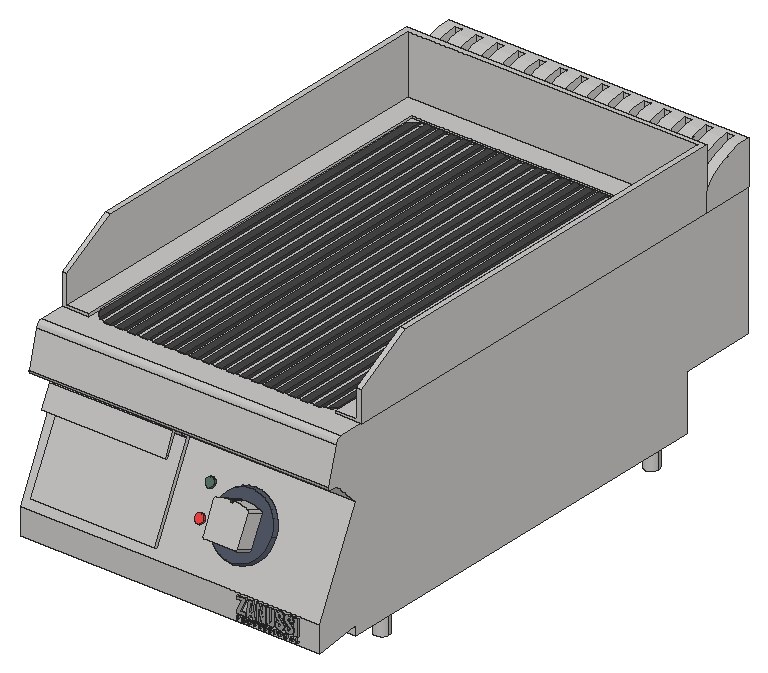
Revit family "QF_ZANUSSI_372332_Z7IILDAOMCA", category Specialty Equipment, Revit 2018
Family settings
  Round Connector Dimension = Use Diameter
  Part Type = Normal
  Work Plane-Based = No
  Always vertical = Yes
  Cut with Voids When Loaded = No
  Shared = No
  Room Calculation Point = No
Parameters (values of type "Standard")
  Weight = 40.00 kg
  Watts = 0 W
  Volts = 400 V
  URL Manufacturer = "http://www.zanussiprofessional.com"
  URL = "http://www.zanussiprofessional.com"
  Steam Supply Size = 0"
  Steam Supply Minimum Pressure = 0.00 psi
  Steam Supply Maximum Pressure = 0.00 psi
  Steam Pounds per Hour = 0
  Show Logo [instance] = yes
  Show Clearance [instance] = yes
  Refrigeration Suction Line Size = 0"
  Refrigeration Liquid Line Size = 0"
  Refrigerant Compressor Remote = yes
  Phase = 3
  Model = "Z7IILDAOMCA"
  Manufacturer = "Zanussi"
  Length Actual = 400.00 mm  # constant formula
  Item Number = "372332"
  Hot Water Size = 0"
  Height Actual = 250.00 mm  # constant formula
  HP = "5.6 HP"
  Gas Size = 0"
  Gas KW = 0
  Gas Input Pressure = 0.0 Btu/h
  Direct Waste Size = 0"
  Description = "ELECTRIC FRY TOP-RIBBED PLATE 400MM-BRUSHED CHROME"
  Depth Actual = 700.00 mm  # constant formula
  Cycle = 60 Hz
  Condensate Return Size = 0"
  Compressed Air Volume = 0 GPM
  Compressed Air Size = 0"
  Compressed Air Pressure = 0.00 psi
  Cold Water Size = 0"
  Assembly Code = ""
  Accessory = yes
Reference planes
  plane 1 "BACK": y = 0
  plane 2: z = 0
  plane 3 "LEFT": x = 0
  plane 4 "RIGHT": x = 400
  plane 5 "FRONT": y = -715
  plane 6 "TOP": z = 288.925
  plane 7 "Center Y": x = 200
  plane 8 "Center X": y = -357.5
  plane 9 "BASE": z = 650
  plane 10 "TOP A": z = 900
  plane 11: y = -597.884
  plane 12: y = -147.637
  plane 13: z = 981
  plane 14: through (-6096, -715, 65.146) normal (0, 0.8956, -0.4448)
  plane 15 "panel": through (-6096, -655.161, 185.641) normal (0, -0.8956, 0.4448)
  plane 16: z = 900
Forms (mm)
  Extrusion 1, solid, material "QF_Finishes_Stainless Steel"
    sketch origin (0, 0, 626) x (0, 1, 0) y (0, 0, 1)
      loop
        line (0, 98) -> (0, 274) -> (-679.358, 274)
        arc (-679.358, 274) -> (-684.643, 271.811) -> (-686.833, 266.526) r 7.474
        line (-686.833, 266.526) -> (-699.884, 221.011)
        arc (-699.884, 221.011) -> (-699.396, 218.379) -> (-697, 217.184) r 3
        line (-697, 217.184) -> (-686.802, 217.184) -> (-654.982, 185.364) -> (-715, 64.508) -> (-715, 29.508) -> (-658.645, 37.428)
        arc (-658.645, 37.428) -> (-656.101, 36.674) -> (-655, 34.259) r 3.2
        line (-655, 34.259) -> (-655, 24) -> (-103, 24) -> (-103, 98) -> (0, 98)
    from 0 to 400
  Extrusion 2, void
    sketch origin (0, -2.381, 900) x (-1, 0, 0) y (0, -1, 0)
      loop
        arc (-60.425, 102.504) -> (-42.464, 109.943) -> (-35.025, 127.904) r 25.4
        line (-35.025, 127.904) -> (-35.025, 617.104)
        arc (-35.025, 617.104) -> (-42.464, 635.064) -> (-60.425, 642.504) r 25.4
        line (-60.425, 642.504) -> (-339.575, 642.504)
        arc (-339.575, 642.504) -> (-357.536, 635.064) -> (-364.975, 617.104) r 25.4
        line (-364.975, 617.104) -> (-364.975, 127.904)
        arc (-364.975, 127.904) -> (-357.536, 109.943) -> (-339.575, 102.504) r 25.4
        line (-339.575, 102.504) -> (-60.425, 102.504)
    from 0 to -3.2
  Extrusion 3, solid, material "QF_Finishes_Stainless Steel"
    sketch origin (0, 0, 626) x (1, 0, 0) y (0, 1, 0)
      loop
        circle (11.112, -147.638) r 9.525
      loop
        circle (11.112, -597.884) r 9.525
      loop
        circle (388.887, -147.638) r 9.525
      loop
        circle (388.887, -597.884) r 9.525
    from 0 to 24
  Extrusion 4, solid, material "QF_Finishes_Stainless Steel"
    sketch origin (1.388, -101.6, 104.094) x (0, 0, -1) y (-1, 0, 0)
      loop
        circle (-582.306, -347.613) r 12.7
    from -1.4 to 7.6
  Extrusion 5, solid, material "QF_Finishes_Clearance", visible <- "Show Clearance", detail levels coarse
    sketch origin (0, 0, 626) x (1, 0, 0) y (0, 1, 0)
      loop
        line (0, -715) -> (0, 0) -> (400, 0) -> (400, -715) -> (550.019, -715) -> (550.019, 150.019) -> (-150.019, 150.019) -> (-150.019, -715) -> (0, -715)
    from 0 to 355
  Extrusion 6, solid, material "QF_Finishes_Stainless Steel"
    sketch origin (0, -14.311, 626) x (0, 1, 0) y (0, 0, 1)
      loop
        line (-640.85, 185.828) -> (-659.988, 204.966)
        arc (-659.988, 204.966) -> (-664.455, 206.368) -> (-668.159, 203.504) r 5.058
        line (-668.159, 203.504) -> (-680.821, 175.994) -> (-677.937, 174.666) -> (-665.275, 202.176)
        arc (-665.275, 202.176) -> (-663.896, 203.243) -> (-662.233, 202.721) r 1.883
        line (-662.233, 202.721) -> (-644.727, 185.215) -> (-698.248, 77.444) -> (-695.339, 76.105) -> (-640.85, 185.828)
    from 12.7 to 177.8
  Extrusion 7, solid, material "QF_Finishes_Drawer Clearance", visible <- "Show Clearance", detail levels coarse
    sketch origin (0, -115.911, 626) x (0, 1, 0) y (0, 0, 1)
      loop
        line (-662.903, 76.105) -> (-593.739, 76.105) -> (-539.25, 185.828) -> (-558.388, 204.966)
        arc (-558.388, 204.966) -> (-560.449, 206.215) -> (-562.855, 206.368) r 5.058
        line (-562.855, 206.368) -> (-632.019, 206.368)
        arc (-632.019, 206.368) -> (-634.222, 205.39) -> (-635.723, 203.504) r 5.058
        line (-635.723, 203.504) -> (-648.385, 175.994) -> (-645.501, 174.666) -> (-632.839, 202.176)
        arc (-632.839, 202.176) -> (-631.46, 203.243) -> (-629.796, 202.721) r 1.883
        line (-629.796, 202.721) -> (-612.291, 185.215) -> (-665.811, 77.444) -> (-662.903, 76.105)
    from 12.7 to 177.8
  Extrusion 8, solid, material "QF_Finishes_Stainless Steel"
    sketch origin (0, 0, 626) x (0, 1, 0) y (0, 0, 1)
      loop
        line (0, 274) -> (0, 333.13)
        arc (0, 333.13) -> (-38.824, 324.814) -> (-69.85, 300.038) r 86.548
        line (-69.85, 300.038) -> (-69.85, 274) -> (0, 274)
    from 0 to 400.05
  Extrusion 9, void
    sketch origin (0, 0, 900.638) x (-1, 0, 0) y (0, -1, 0)
      loop
        line (-13.453, 6.761) -> (-13.453, 63.911) -> (-22.749, 63.911) -> (-22.749, 6.761) -> (-13.453, 6.761)
    from 25.4 to 63.5
  Extrusion 10, void
    sketch origin (400.05, 0, 900.638) x (1, 0, 0) y (0, 1, 0)
      loop
        line (-13.503, -6.761) -> (-22.799, -6.761) -> (-22.799, -63.911) -> (-13.503, -63.911) -> (-13.503, -6.761)
    from 25.4 to 63.5
  Extrusion 11, void
    sketch origin (27.988, 0, 900.638) x (-1, 0, 0) y (0, -1, 0)
      loop
        line (-13.453, 6.761) -> (-13.453, 63.911) -> (-22.749, 63.911) -> (-22.749, 6.761) -> (-13.453, 6.761)
    from 25.4 to 63.5
  Extrusion 12, void
    sketch origin (55.977, 0, 900.638) x (-1, 0, 0) y (0, -1, 0)
      loop
        line (-13.453, 6.761) -> (-13.453, 63.911) -> (-22.749, 63.911) -> (-22.749, 6.761) -> (-13.453, 6.761)
    from 25.4 to 63.5
  Extrusion 13, void
    sketch origin (83.965, 0, 900.638) x (-1, 0, 0) y (0, -1, 0)
      loop
        line (-13.428, 6.761) -> (-13.428, 63.911) -> (-22.724, 63.911) -> (-22.724, 6.761) -> (-13.428, 6.761)
    from 25.4 to 63.5
  Extrusion 14, void
    sketch origin (111.953, 0, 900.638) x (-1, 0, 0) y (0, -1, 0)
      loop
        line (-13.428, 6.761) -> (-13.428, 63.911) -> (-22.724, 63.911) -> (-22.724, 6.761) -> (-13.428, 6.761)
    from 25.4 to 63.5
  Extrusion 15, void
    sketch origin (139.942, 0, 900.638) x (-1, 0, 0) y (0, -1, 0)
      loop
        line (-13.428, 6.761) -> (-13.428, 63.911) -> (-22.724, 63.911) -> (-22.724, 6.761) -> (-13.428, 6.761)
    from 25.4 to 63.5
  Extrusion 16, void
    sketch origin (167.93, 0, 900.638) x (-1, 0, 0) y (0, -1, 0)
      loop
        line (-13.428, 6.761) -> (-13.428, 63.911) -> (-22.724, 63.911) -> (-22.724, 6.761) -> (-13.428, 6.761)
    from 25.4 to 63.5
  Extrusion 17, void
    sketch origin (195.918, 0, 900.638) x (-1, 0, 0) y (0, -1, 0)
      loop
        line (-13.428, 6.761) -> (-13.428, 63.911) -> (-22.724, 63.911) -> (-22.724, 6.761) -> (-13.428, 6.761)
    from 25.4 to 63.5
  Extrusion 18, void
    sketch origin (223.907, 0, 900.638) x (-1, 0, 0) y (0, -1, 0)
      loop
        line (-13.428, 6.761) -> (-13.428, 63.911) -> (-22.724, 63.911) -> (-22.724, 6.761) -> (-13.428, 6.761)
    from 25.4 to 63.5
  Extrusion 19, void
    sketch origin (251.895, 0, 900.638) x (-1, 0, 0) y (0, -1, 0)
      loop
        line (-13.428, 6.761) -> (-13.428, 63.911) -> (-22.724, 63.911) -> (-22.724, 6.761) -> (-13.428, 6.761)
    from 25.4 to 63.5
  Extrusion 20, void
    sketch origin (279.884, 0, 900.638) x (-1, 0, 0) y (0, -1, 0)
      loop
        line (-13.403, 6.761) -> (-13.403, 63.911) -> (-22.699, 63.911) -> (-22.699, 6.761) -> (-13.403, 6.761)
    from 25.4 to 63.5
  Extrusion 21, void
    sketch origin (307.872, 0, 900.638) x (-1, 0, 0) y (0, -1, 0)
      loop
        line (-13.403, 6.761) -> (-13.403, 63.911) -> (-22.699, 63.911) -> (-22.699, 6.761) -> (-13.403, 6.761)
    from 25.4 to 63.5
  Extrusion 22, void
    sketch origin (335.86, 0, 900.638) x (-1, 0, 0) y (0, -1, 0)
      loop
        line (-13.403, 6.761) -> (-13.403, 63.911) -> (-22.699, 63.911) -> (-22.699, 6.761) -> (-13.403, 6.761)
    from 25.4 to 63.5
  Sweep 23, solid, material "QF_Finishes_Stainless Steel"
    path origin (0, -2.381, 900) x (-1, 0, 0) y (0, -1, 0)
      loop
        line (-364.975, 642.504) -> (-364.975, 102.504) -> (-35.025, 102.504) -> (-35.025, 642.504)
    profile origin (35.025, -374.885, 900) x (1, 0, 0) y (0, 0, 1)
      loop
        line (-35.025, 0) -> (0, 0) -> (0, 3.175) -> (-28.675, 3.175) -> (-28.675, 81) -> (-35.025, 81) -> (-35.025, 0)
  Extrusion 24, void
    sketch origin (0, -69.86, 900) x (0, 1, 0) y (0, 0, 1)
      loop
        line (-575.025, 40.481) -> (-501.995, 81) -> (-575.025, 81) -> (-575.025, 40.481)
    from 0 to 6.35
  Extrusion 25, void
    sketch origin (400, -644.885, 900) x (0, -1, 0) y (0, 0, 1)
      loop
        line (0, 40.481) -> (0, 81) -> (-73.03, 81) -> (0, 40.481)
    from 0 to 6.35
  Extrusion 26, solid, material "QF_Finishes_Black"
    sketch origin (12.5, -715, 626) x (1, 0, 0) y (0, 0, 1)
      loop
        line (51.525, 274) -> (42.525, 274) -> (42.525, 270.8) -> (51.525, 270.8) -> (51.525, 274)
    from -610.115 to -70.115
  Extrusion 27, solid, material "QF_Finishes_Black"
    sketch origin (29, -715, 626) x (1, 0, 0) y (0, 0, 1)
      loop
        line (51.525, 274) -> (42.525, 274) -> (42.525, 270.8) -> (51.525, 270.8) -> (51.525, 274)
    from -610.115 to -70.115
  Extrusion 28, solid, material "QF_Finishes_Black"
    sketch origin (45.5, -715, 626) x (1, 0, 0) y (0, 0, 1)
      loop
        line (51.525, 274) -> (42.525, 274) -> (42.525, 270.8) -> (51.525, 270.8) -> (51.525, 274)
    from -610.115 to -70.115
  Extrusion 29, solid, material "QF_Finishes_Black"
    sketch origin (62, -715, 626) x (1, 0, 0) y (0, 0, 1)
      loop
        line (51.5, 274) -> (42.5, 274) -> (42.5, 270.8) -> (51.5, 270.8) -> (51.5, 274)
    from -610.115 to -70.115
  Extrusion 30, solid, material "QF_Finishes_Black"
    sketch origin (78.5, -715, 626) x (1, 0, 0) y (0, 0, 1)
      loop
        line (51.5, 274) -> (42.5, 274) -> (42.5, 270.8) -> (51.5, 270.8) -> (51.5, 274)
    from -610.115 to -70.115
  Extrusion 31, solid, material "QF_Finishes_Black"
    sketch origin (95, -715, 626) x (1, 0, 0) y (0, 0, 1)
      loop
        line (51.5, 274) -> (42.5, 274) -> (42.5, 270.8) -> (51.5, 270.8) -> (51.5, 274)
    from -610.115 to -70.115
  Extrusion 32, solid, material "QF_Finishes_Black"
    sketch origin (111.5, -715, 626) x (1, 0, 0) y (0, 0, 1)
      loop
        line (51.5, 274) -> (42.5, 274) -> (42.5, 270.8) -> (51.5, 270.8) -> (51.5, 274)
    from -610.115 to -70.115
  Extrusion 33, solid, material "QF_Finishes_Black"
    sketch origin (128, -715, 626) x (1, 0, 0) y (0, 0, 1)
      loop
        line (51.5, 274) -> (42.5, 274) -> (42.5, 270.8) -> (51.5, 270.8) -> (51.5, 274)
    from -610.115 to -70.115
  Extrusion 34, solid, material "QF_Finishes_Black"
    sketch origin (144.5, -715, 626) x (1, 0, 0) y (0, 0, 1)
      loop
        line (51.5, 274) -> (42.5, 274) -> (42.5, 270.8) -> (51.5, 270.8) -> (51.5, 274)
    from -610.115 to -70.115
  Extrusion 35, solid, material "QF_Finishes_Black"
    sketch origin (161, -715, 626) x (1, 0, 0) y (0, 0, 1)
      loop
        line (51.5, 274) -> (42.5, 274) -> (42.5, 270.8) -> (51.5, 270.8) -> (51.5, 274)
    from -610.115 to -70.115
  Extrusion 36, solid, material "QF_Finishes_Black"
    sketch origin (177.5, -715, 626) x (1, 0, 0) y (0, 0, 1)
      loop
        line (51.5, 274) -> (42.5, 274) -> (42.5, 270.8) -> (51.5, 270.8) -> (51.5, 274)
    from -610.115 to -70.115
  Extrusion 37, solid, material "QF_Finishes_Black"
    sketch origin (194, -715, 626) x (1, 0, 0) y (0, 0, 1)
      loop
        line (51.5, 274) -> (42.5, 274) -> (42.5, 270.8) -> (51.5, 270.8) -> (51.5, 274)
    from -610.115 to -70.115
  Extrusion 38, solid, material "QF_Finishes_Black"
    sketch origin (210.5, -715, 626) x (1, 0, 0) y (0, 0, 1)
      loop
        line (51.5, 274) -> (42.5, 274) -> (42.5, 270.8) -> (51.5, 270.8) -> (51.5, 274)
    from -610.115 to -70.115
  Extrusion 39, solid, material "QF_Finishes_Black"
    sketch origin (227, -715, 626) x (1, 0, 0) y (0, 0, 1)
      loop
        line (51.5, 274) -> (42.5, 274) -> (42.5, 270.8) -> (51.5, 270.8) -> (51.5, 274)
    from -610.115 to -70.115
  Extrusion 40, solid, material "QF_Finishes_Black"
    sketch origin (243.5, -715, 626) x (1, 0, 0) y (0, 0, 1)
      loop
        line (51.5, 274) -> (42.5, 274) -> (42.5, 270.8) -> (51.5, 270.8) -> (51.5, 274)
    from -610.115 to -70.115
  Extrusion 41, solid, material "QF_Finishes_Black"
    sketch origin (260, -715, 626) x (1, 0, 0) y (0, 0, 1)
      loop
        line (51.475, 274) -> (42.475, 274) -> (42.475, 270.8) -> (51.475, 270.8) -> (51.475, 274)
    from -610.115 to -70.115
  Extrusion 42, solid, material "QF_Finishes_Black"
    sketch origin (276.5, -715, 626) x (1, 0, 0) y (0, 0, 1)
      loop
        line (51.475, 274) -> (42.475, 274) -> (42.475, 270.8) -> (51.475, 270.8) -> (51.475, 274)
    from -610.115 to -70.115
  Extrusion 43, solid, material "QF_Finishes_Black"
    sketch origin (293, -715, 626) x (1, 0, 0) y (0, 0, 1)
      loop
        line (51.475, 274) -> (42.475, 274) -> (42.475, 270.8) -> (51.475, 270.8) -> (51.475, 274)
    from -610.115 to -70.115
  Extrusion 44, solid, material "QF_Finishes_Black"
    sketch origin (-1000, 0, 626) x (1, 0, 0) y (0, 1, 0)
      loop
        line (1047.525, -641.365) -> (1047.525, -108.404)
        arc (1047.525, -108.404) -> (1042.451, -112.338) -> (1038.525, -117.418) r 25.4
        line (1038.525, -117.418) -> (1038.525, -632.351)
        arc (1038.525, -632.351) -> (1042.451, -637.432) -> (1047.525, -641.365) r 25.4
      loop
        arc (1351.975, -641.652) -> (1356.999, -637.966) -> (1360.975, -633.167) r 25.4
        line (1360.975, -633.167) -> (1360.975, -116.603)
        arc (1360.975, -116.603) -> (1356.999, -111.804) -> (1351.975, -108.117) r 25.4
        line (1351.975, -108.117) -> (1351.975, -641.652)
    from 271.438 to 274.638
  Blend 45, solid, material "QF_Finishes_Navy Blue"
    base sketch origin (275, -684.991, 751.574) x (1, 0, 0) y (0, 0.444781, 0.895639)
      loop
        circle (0, 0) r 42.5
    top sketch origin (275, -684.991, 751.574) x (1, 0, 0) y (0, 0.444781, 0.895639)
      loop
        circle (0, 0) r 40.5
    from 0 to 5
  Extrusion 46, solid, material "QF_Finishes_Stainless Steel"
    sketch origin (275, -684.991, 751.574) x (1, 0, 0) y (0, 0.444781, 0.895639)
      loop
        arc (-21.147, 22.789) -> (-22.494, 21.685) -> (-23, 20.019) r 2.997
        line (-23, 20.019) -> (-23, -20.019)
        arc (-23, -20.019) -> (-22.122, -22.138) -> (-20.003, -23.016) r 2.997
        line (-20.003, -23.016) -> (20.003, -23.016)
        arc (20.003, -23.016) -> (22.122, -22.138) -> (23, -20.019) r 2.997
        line (23, -20.019) -> (23, 20.019)
        arc (23, 20.019) -> (22.494, 21.685) -> (21.147, 22.789) r 2.997
        arc (21.147, 22.789) -> (0, 26.984) -> (-21.147, 22.789) r 55.4
    from 10 to 34
  Extrusion 47, solid, material "QF_Plastic-Black-Matte"
    sketch origin (355, -684.991, 751.574) x (0, 0.444781, 0.895639) y (0, -0.895639, 0.444781)
      loop
        line (26.984, 34) -> (26.984, 19) -> (27.984, 19) -> (27.984, 34)
        arc (27.984, 34) -> (27.691, 34.707) -> (26.984, 35) r 1
        line (26.984, 35) -> (23.984, 35) -> (23.984, 34) -> (26.984, 34)
    from -81 to -79
  Extrusion 48, solid, material "QF_Finishes_Red"
    sketch origin (275, -689.439, 742.617) x (1, 0, 0) y (0, 0.444781, 0.895639)
      loop
        circle (-55.001, 0) r 6
    from 0 to 1.6
  Extrusion 49, solid, material "QF_Finishes_Stainless Steel"
    sketch origin (275, -684.991, 751.574) x (1, 0, 0) y (0, 0.444781, 0.895639)
      loop
        line (17.5, 17.5) -> (-17.5, 17.5) -> (-17.5, -17.5) -> (17.5, -17.5) -> (17.5, 17.5)
    from 5 to 10
  Extrusion 50, solid, material "QF_Finishes_DarkGreen"
    sketch origin (275, -671.648, 778.443) x (1, 0, 0) y (0, 0.444781, 0.895639)
      loop
        circle (-55.001, 0) r 6
    from 0 to 1.6
Cuts and joins
  Extrusion 2 cuts Extrusion 1
  Extrusion 9, Extrusion 10, Extrusion 11, Extrusion 12, Extrusion 13, Extrusion 14, Extrusion 15, Extrusion 16, Extrusion 17, Extrusion 18, Extrusion 19, Extrusion 20, Extrusion 21, Extrusion 22 cuts Extrusion 8
  Extrusion 24, Extrusion 25 cuts Sweep 23
Lines and regions (mm)
  Split face 1
    outline origin (276.664, -684.796, 763.208) x (1, 0, 0) y (0, 0.444781, 0.895639)
      loop
        circle (-34, 0) r 1.5
  Split face 2
    outline origin (273.297, -687.581, 757.6) x (1, 0, 0) y (0, 0.444781, 0.895639)
      loop
        circle (-30.633, -14.752) r 1.5
  Split face 3
    outline origin (276.214, -689.88, 752.97) x (1, 0, 0) y (0, 0.444781, 0.895639)
      loop
        circle (-21.199, -26.582) r 1.5
  Split face 4
    outline origin (282.566, -689.848, 753.034) x (1, 0, 0) y (0, 0.444781, 0.895639)
      loop
        circle (-7.566, -33.148) r 1.5
  Split face 5
    outline origin (287.419, -686.96, 758.85) x (1, 0, 0) y (0, 0.444781, 0.895639)
      loop
        circle (7.566, -33.148) r 1.5
  Split face 6
    outline origin (286.137, -682.319, 768.196) x (1, 0, 0) y (0, 0.444781, 0.895639)
      loop
        circle (21.199, -26.582) r 1.5
  Split face 7
    outline origin (276.5, -678.264, 776.361) x (1, 0, 0) y (0, 0.444781, 0.895639)
      loop
        circle (30.633, -14.752) r 1.5
  Split face 8
    outline origin (260.985, -677.235, 778.433) x (1, 0, 0) y (0, 0.444781, 0.895639)
      loop
        circle (34, 0) r 1.5
  Split face 9
    outline origin (275, -689.469, 753.797) x (1, 0, 0) y (0, 0.444781, 0.895639)
      loop
        circle (0, 33.561) r 1.5
  symbolic lines, style "QF-Clearances", visible <- "Show Clearance", detail levels coarse
    curve 1: line (-150.019, 150.019, 900) -> (-150.019, -715, 900)
    curve 2: line (550.019, 150.019, 900) -> (-150.019, 150.019, 900)
    curve 3: line (550.019, -716.377, 900) -> (550.019, 150.019, 900)
  symbolic lines
    curve 4: line (0, 0, 900) -> (400, 0, 900)
    curve 5: line (0, -715, 900) -> (0, 0, 900)
    curve 6: line (400, 0, 900) -> (400, -715, 900)
    curve 7: line (35.025, -130.285, 900) -> (35.025, -644.885, 900)
    curve 8: arc (35.025, -619.485, 900) -> (42.464, -637.445, 900) -> (60.425, -644.885, 900) r 25.4
    curve 9: line (0, -644.885, 900) -> (35.025, -644.885, 900)
    curve 10: arc (339.575, -644.885, 900) -> (357.536, -637.445, 900) -> (364.975, -619.485, 900) r 25.4
    curve 11: line (364.975, -644.885, 900) -> (364.975, -130.285, 900)
    curve 12: line (339.575, -104.885, 900) -> (60.425, -104.885, 900)
    curve 13: line (0, -69.85, 900) -> (400, -69.85, 900)
    curve 14: arc (60.425, -104.885, 900) -> (42.464, -112.324, 900) -> (35.025, -130.285, 900) r 25.4
    curve 15: arc (339.575, -104.885, 900) -> (357.536, -112.324, 900) -> (364.975, -130.285, 900) r 25.4
    curve 16: line (6.35, -76.21, 900) -> (6.35, -644.885, 900)
    curve 17: line (6.35, -76.21, 900) -> (393.65, -76.21, 900)
    curve 18: line (393.65, -76.21, 900) -> (393.65, -644.885, 900)
    curve 19: line (13.428, -6.761, 900) -> (22.724, -6.761, 900)
    curve 20: line (13.428, -63.911, 900) -> (13.428, -6.761, 900)
    curve 21: line (22.724, -63.911, 900) -> (13.428, -63.911, 900)
    curve 22: line (22.724, -6.761, 900) -> (22.724, -63.911, 900)
    curve 23: line (41.416, -6.761, 900) -> (50.712, -6.761, 900)
    curve 24: line (41.416, -63.911, 900) -> (41.416, -6.761, 900)
    curve 25: line (50.712, -63.911, 900) -> (41.416, -63.911, 900)
    curve 26: line (50.712, -6.761, 900) -> (50.712, -63.911, 900)
    curve 27: line (69.405, -6.761, 900) -> (78.7, -6.761, 900)
    curve 28: line (69.405, -63.911, 900) -> (69.405, -6.761, 900)
    curve 29: line (78.7, -63.911, 900) -> (69.405, -63.911, 900)
    curve 30: line (78.7, -6.761, 900) -> (78.7, -63.911, 900)
    curve 31: line (97.393, -6.761, 900) -> (106.689, -6.761, 900)
    curve 32: line (97.393, -63.911, 900) -> (97.393, -6.761, 900)
    curve 33: line (106.689, -63.911, 900) -> (97.393, -63.911, 900)
    curve 34: line (106.689, -6.761, 900) -> (106.689, -63.911, 900)
    curve 35: line (125.381, -6.761, 900) -> (134.677, -6.761, 900)
    curve 36: line (125.381, -63.911, 900) -> (125.381, -6.761, 900)
    curve 37: line (134.677, -63.911, 900) -> (125.381, -63.911, 900)
    curve 38: line (134.677, -6.761, 900) -> (134.677, -63.911, 900)
    curve 39: line (153.37, -6.761, 900) -> (162.665, -6.761, 900)
    curve 40: line (153.37, -63.911, 900) -> (153.37, -6.761, 900)
    curve 41: line (162.665, -63.911, 900) -> (153.37, -63.911, 900)
    curve 42: line (162.665, -6.761, 900) -> (162.665, -63.911, 900)
    curve 43: line (181.358, -6.761, 900) -> (190.654, -6.761, 900)
    curve 44: line (181.358, -63.911, 900) -> (181.358, -6.761, 900)
    curve 45: line (190.654, -63.911, 900) -> (181.358, -63.911, 900)
    curve 46: line (190.654, -6.761, 900) -> (190.654, -63.911, 900)
    curve 47: line (209.346, -6.761, 900) -> (218.642, -6.761, 900)
    curve 48: line (209.346, -63.911, 900) -> (209.346, -6.761, 900)
    curve 49: line (218.642, -63.911, 900) -> (209.346, -63.911, 900)
    curve 50: line (218.642, -6.761, 900) -> (218.642, -63.911, 900)
    curve 51: line (237.31, -6.761, 900) -> (246.605, -6.761, 900)
    curve 52: line (237.31, -63.911, 900) -> (237.31, -6.761, 900)
    curve 53: line (246.605, -63.911, 900) -> (237.31, -63.911, 900)
    curve 54: line (246.605, -6.761, 900) -> (246.605, -63.911, 900)
    curve 55: line (265.298, -6.761, 900) -> (274.594, -6.761, 900)
    curve 56: line (265.298, -63.911, 900) -> (265.298, -6.761, 900)
    curve 57: line (274.594, -63.911, 900) -> (265.298, -63.911, 900)
    curve 58: line (274.594, -6.761, 900) -> (274.594, -63.911, 900)
    curve 59: line (293.286, -6.761, 900) -> (302.582, -6.761, 900)
    curve 60: line (293.286, -63.911, 900) -> (293.286, -6.761, 900)
    curve 61: line (302.582, -63.911, 900) -> (293.286, -63.911, 900)
    curve 62: line (302.582, -6.761, 900) -> (302.582, -63.911, 900)
    curve 63: line (321.275, -6.761, 900) -> (330.57, -6.761, 900)
    curve 64: line (321.275, -63.911, 900) -> (321.275, -6.761, 900)
    curve 65: line (330.57, -63.911, 900) -> (321.275, -63.911, 900)
    curve 66: line (330.57, -6.761, 900) -> (330.57, -63.911, 900)
    curve 67: line (349.263, -6.761, 900) -> (358.559, -6.761, 900)
    curve 68: line (349.263, -63.911, 900) -> (349.263, -6.761, 900)
    curve 69: line (358.559, -63.911, 900) -> (349.263, -63.911, 900)
    curve 70: line (358.559, -6.761, 900) -> (358.559, -63.911, 900)
    curve 71: line (377.251, -6.761, 900) -> (386.547, -6.761, 900)
    curve 72: line (377.251, -63.911, 900) -> (377.251, -6.761, 900)
    curve 73: line (386.547, -63.911, 900) -> (377.251, -63.911, 900)
    curve 74: line (386.547, -6.761, 900) -> (386.547, -63.911, 900)
    curve 75: line (364.975, -644.885, 900) -> (400, -644.885, 900)
    curve 76: line (60.425, -644.885, 900) -> (339.575, -644.885, 900)
    curve 80: line (0.05, -700, 0) -> (400, -700, 0)
    curve 81: line (298.025, -700, 0) -> (298.025, -724.347, 0)
    curve 82: arc (298.025, -724.347, 0) -> (297.879, -724.811, 0) -> (297.493, -725.107, 0) r 0.809
    curve 83: arc (297.493, -725.107, 0) -> (296.305, -725.587, 0) -> (295.028, -725.68, 0) r 4.127
    curve 84: arc (298.025, -704.292, 0) -> (303.066, -702.458, 0) -> (307.834, -700, 0) r 42.24
    curve 85: arc (298.025, -706.539, 0) -> (297.523, -705.818, 0) -> (296.726, -705.448, 0) r 1.682
    curve 86: arc (296.726, -705.448, 0) -> (286.423, -703.95, 0) -> (276.025, -703.441, 0) r 109.079
    curve 87: line (276.025, -700, 0) -> (276.025, -705.671, 0)
    curve 88: line (276.025, -705.671, 0) -> (274.025, -705.671, 0)
    curve 89: line (274.025, -705.671, 0) -> (274.025, -700, 0)
    curve 90: line (252.025, -700, 0) -> (252.025, -724.347, 0)
    curve 91: arc (252.025, -724.347, 0) -> (252.171, -724.811, 0) -> (252.557, -725.107, 0) r 0.809
    curve 92: arc (252.557, -725.107, 0) -> (253.745, -725.587, 0) -> (255.022, -725.68, 0) r 4.127
    curve 93: arc (252.025, -704.292, 0) -> (246.984, -702.458, 0) -> (242.216, -700, 0) r 42.24
    curve 94: arc (252.025, -706.539, 0) -> (252.527, -705.818, 0) -> (253.324, -705.448, 0) r 1.682
    curve 95: arc (253.324, -705.448, 0) -> (263.627, -703.95, 0) -> (274.025, -703.441, 0) r 109.079
    curve 96: line (295.028, -725.68, 0) -> (255.022, -725.68, 0)
    curve 97: line (0, -715, 0) -> (252.025, -715, 0)
    curve 98: line (298.025, -715, 0) -> (400, -715, 0)
    curve 99: line (12.7, -715, 0) -> (12.7, -700, 0)
    curve 100: line (177.775, -715, 0) -> (177.775, -700, 0)
    curve 101: line (76.025, -104.885, 0) -> (76.025, -644.885, 0)
    curve 102: line (60.425, -104.885, 0) -> (60.425, -644.885, 0)
    curve 103: line (42.464, -112.324, 0) -> (42.464, -637.445, 0)
    curve 104: line (92.525, -104.885, 0) -> (92.525, -644.885, 0)
    curve 105: line (109, -104.885, 0) -> (109, -644.885, 0)
    curve 106: line (125.5, -104.885, 0) -> (125.5, -644.885, 0)
    curve 107: line (142, -104.885, 0) -> (142, -644.885, 0)
    curve 108: line (158.5, -104.885, 0) -> (158.5, -644.885, 0)
    curve 109: line (175, -104.885, 0) -> (175, -644.885, 0)
    curve 110: line (191.5, -104.885, 0) -> (191.5, -644.885, 0)
    curve 111: line (208, -104.885, 0) -> (208, -644.885, 0)
    curve 112: line (224.5, -104.885, 0) -> (224.5, -644.885, 0)
    curve 113: line (241, -104.885, 0) -> (241, -644.885, 0)
    curve 114: line (257.5, -104.885, 0) -> (257.5, -644.885, 0)
    curve 115: line (274, -104.885, 0) -> (274, -644.885, 0)
    curve 116: line (290.5, -104.885, 0) -> (290.5, -644.885, 0)
    curve 117: line (306.975, -104.885, 0) -> (306.975, -644.885, 0)
    curve 118: line (323.475, -104.885, 0) -> (323.475, -644.885, 0)
    curve 119: line (339.575, -104.885, 0) -> (339.575, -644.885, 0)
    curve 120: line (356.999, -111.804, 0) -> (356.999, -637.966, 0)
  symbolic lines, style "QF_Drawer Clearance"
    curve 77: line (12.7, -715, 0) -> (12.7, -767.387, 0)
    curve 78: line (12.7, -767.388, 0) -> (177.775, -767.388, 0)
    curve 79: line (177.775, -767.388, 0) -> (177.775, -715, 0)
Dimensions and locks
  equal spacing: plane 3 "LEFT", plane 7 "Center Y", plane 4 "RIGHT"
  plane 3 "LEFT" to plane 4 "RIGHT" = 400.00 mm
  equal spacing: plane 5 "FRONT", plane 8 "Center X", plane 1 "BACK"
  plane 5 "FRONT" to plane 1 "BACK" = 715.00 mm
  plane 1 "BACK" to plane 5 "FRONT" = 715.00 mm
  plane 9 "BASE" to level = 650.00 mm  (x2)
  plane 4 "RIGHT" to Extrusion 4 sketch curve = 51.00 mm
  Sweep 23 sketch curve to level = 981.00 mm
  plane 10 "TOP A" to plane 9 "BASE" = 250.00 mm  (x2)
  plane 13 to level = 981.00 mm
  Extrusion 4 sketch curve to plane 9 "BASE" = 36.40 mm
  plane 16 to level = 900.00 mm
  aligned and locked: level to plane 2
  aligned and locked: plane 4 "RIGHT" to Extrusion 1
  aligned and locked: plane 9 "BASE" to Extrusion 3
  aligned: plane 6 "TOP" to Extrusion 5
  aligned and locked: Extrusion 5 to plane 13
Automatic sketch dimensions
  plane 1 "BACK" to Extrusion 13 sketch curve = 6.761 mm
  Extrusion 13 sketch curve to plane 7 "Center Y" = 93.311 mm
  Extrusion 13 sketch curve to Extrusion 13 sketch curve = 9.296 mm
  Extrusion 13 sketch curve to Extrusion 13 sketch curve = 57.15 mm
  plane 1 "BACK" to Extrusion 14 sketch curve = 6.761 mm
  Extrusion 14 sketch curve to plane 7 "Center Y" = 65.323 mm
  Extrusion 14 sketch curve to Extrusion 14 sketch curve = 9.296 mm
  Extrusion 14 sketch curve to Extrusion 14 sketch curve = 57.15 mm
  plane 1 "BACK" to Extrusion 15 sketch curve = 6.761 mm
  Extrusion 15 sketch curve to plane 7 "Center Y" = 37.335 mm
  Extrusion 15 sketch curve to Extrusion 15 sketch curve = 9.296 mm
  Extrusion 15 sketch curve to Extrusion 15 sketch curve = 57.15 mm
  Extrusion 16 sketch curve to plane 7 "Center Y" = 9.346 mm
  Extrusion 16 sketch curve to Extrusion 16 sketch curve = 9.296 mm
  plane 1 "BACK" to Extrusion 16 sketch curve = 6.761 mm
  Extrusion 16 sketch curve to Extrusion 16 sketch curve = 57.15 mm
  plane 1 "BACK" to Extrusion 17 sketch curve = 6.761 mm
  plane 7 "Center Y" to Extrusion 17 sketch curve = 18.642 mm
  Extrusion 17 sketch curve to Extrusion 17 sketch curve = 9.296 mm
  Extrusion 17 sketch curve to Extrusion 17 sketch curve = 57.15 mm
  plane 1 "BACK" to Extrusion 18 sketch curve = 6.761 mm
  plane 7 "Center Y" to Extrusion 18 sketch curve = 46.63 mm
  Extrusion 18 sketch curve to Extrusion 18 sketch curve = 9.296 mm
  Extrusion 18 sketch curve to Extrusion 18 sketch curve = 57.15 mm
  plane 1 "BACK" to Extrusion 19 sketch curve = 6.761 mm
  plane 7 "Center Y" to Extrusion 19 sketch curve = 74.619 mm
  Extrusion 19 sketch curve to Extrusion 19 sketch curve = 9.296 mm
  Extrusion 19 sketch curve to Extrusion 19 sketch curve = 57.15 mm
  Extrusion 2 sketch curve to plane 4 "RIGHT" = 35.025 mm
  Extrusion 2 sketch curve to Extrusion 2 sketch curve = 25.40 mm  (x3)
  Extrusion 2 sketch curve to plane 12 = 17.353 mm
  plane 3 "LEFT" to Extrusion 2 sketch curve = 60.425 mm  (x2)
  plane 11 to Extrusion 2 sketch curve = 21.60 mm
  plane 11 to Extrusion 3 sketch curve = 0.00 mm  (x2)
  plane 12 to Extrusion 3 sketch curve = 0.00 mm  (x2)
  plane 3 "LEFT" to Extrusion 3 sketch curve = 11.112 mm  (x2)
  Extrusion 3 sketch curve to plane 4 "RIGHT" = 11.113 mm  (x2)
  plane 1 "BACK" to Extrusion 5 sketch curve = 0.00 mm
  Extrusion 5 sketch curve to plane 3 "LEFT" = 0.00 mm
  Extrusion 5 sketch curve to plane 4 "RIGHT" = 0.00 mm
  Extrusion 5 sketch curve to plane 3 "LEFT" = 150.019 mm
  plane 5 "FRONT" to Extrusion 5 sketch curve = 0.00 mm  (x2)
  plane 4 "RIGHT" to Extrusion 5 sketch curve = 150.019 mm
  Extrusion 5 sketch curve to plane 1 "BACK" = 150.019 mm
  plane 1 "BACK" to curve 5 = 0.00 mm
  plane 4 "RIGHT" to curve 3 = 150.019 mm
  curve 18 to plane 4 "RIGHT" = 6.35 mm
  curve 74 to plane 4 "RIGHT" = 13.453 mm
  curve 73 to curve 73 = 9.296 mm
  curve 15 to plane 4 "RIGHT" = 35.025 mm
  plane 1 "BACK" to curve 70 = 6.761 mm
  curve 71 to curve 70 = 18.693 mm
  curve 67 to curve 68 = 9.296 mm
  curve 15 to curve 15 = 25.40 mm
  curve 68 to curve 66 = 18.693 mm
  curve 63 to curve 63 = 9.296 mm
  curve 64 to curve 62 = 18.693 mm
  curve 61 to curve 61 = 9.296 mm
  curve 60 to curve 58 = 18.693 mm
  curve 55 to curve 56 = 9.296 mm
  plane 1 "BACK" to curve 51 = 6.761 mm
  curve 55 to curve 51 = 18.693 mm
  curve 53 to curve 53 = 9.296 mm
  plane 1 "BACK" to curve 50 = 6.761 mm
  plane 7 "Center Y" to curve 50 = 18.642 mm
  curve 49 to curve 49 = 9.296 mm
  curve 46 to plane 7 "Center Y" = 9.346 mm
  curve 43 to curve 44 = 9.296 mm
  plane 1 "BACK" to curve 39 = 6.761 mm
  curve 43 to curve 39 = 18.693 mm
  curve 39 to curve 40 = 9.296 mm
  curve 40 to curve 38 = 18.693 mm
  curve 37 to curve 36 = 9.296 mm
  curve 36 to curve 33 = 18.693 mm
  curve 31 to curve 32 = 9.296 mm
  curve 32 to curve 30 = 18.693 mm
  curve 29 to curve 28 = 9.296 mm
  curve 14 to plane 12 = 17.353 mm
  plane 3 "LEFT" to curve 14 = 60.425 mm
  curve 28 to curve 25 = 18.693 mm
  curve 25 to curve 25 = 9.296 mm
  plane 1 "BACK" to curve 19 = 6.761 mm
  curve 23 to curve 19 = 18.693 mm
  curve 19 to curve 20 = 9.296 mm
  plane 3 "LEFT" to curve 16 = 6.35 mm
  plane 5 "FRONT" to curve 1 = 0.00 mm
  curve 1 to plane 3 "LEFT" = 150.019 mm
  curve 2 to plane 1 "BACK" = 150.019 mm
  plane 1 "BACK" to curve 71 = 6.761 mm
  plane 1 "BACK" to curve 66 = 6.761 mm
  plane 1 "BACK" to curve 62 = 6.761 mm
  plane 1 "BACK" to curve 58 = 6.761 mm
  plane 1 "BACK" to curve 46 = 6.761 mm
  plane 1 "BACK" to curve 38 = 6.761 mm
  plane 1 "BACK" to curve 34 = 6.761 mm
  plane 1 "BACK" to curve 30 = 6.761 mm
  plane 1 "BACK" to curve 23 = 6.761 mm
  curve 25 to curve 14 = 40.974 mm
  curve 22 to curve 24 = 0.00 mm
  curve 25 to curve 28 = 0.00 mm
  curve 73 to curve 12 = 40.974 mm
  curve 29 to curve 32 = 0.00 mm
  curve 70 to curve 72 = 0.00 mm
  curve 33 to curve 36 = 0.00 mm
  curve 66 to curve 68 = 0.00 mm
  curve 37 to curve 40 = 0.00 mm
  curve 62 to curve 64 = 0.00 mm
  curve 41 to curve 44 = 0.00 mm
  curve 58 to curve 60 = 0.00 mm
  curve 45 to curve 48 = 0.00 mm
  curve 54 to curve 56 = 0.00 mm
  curve 73 to curve 13 = 5.939 mm
  curve 13 to curve 17 = 6.36 mm
  plane 11 to curve 10 = 21.60 mm
  plane 5 "FRONT" to curve 3 = 1.377 mm
  Extrusion 8 sketch curve to plane 10 "TOP A" = 0.00 mm
  Extrusion 8 sketch curve to plane 1 "BACK" = 0.00 mm
  plane 1 "BACK" to Extrusion 8 sketch curve = 1.769 mm
  plane 6 "TOP" to Extrusion 8 sketch curve = 637.113 mm
  plane 1 "BACK" to Extrusion 8 sketch curve = 69.85 mm
  Extrusion 8 sketch curve to plane 10 "TOP A" = 27.40 mm
  plane 1 "BACK" to Extrusion 9 sketch curve = 6.761 mm
  plane 3 "LEFT" to Extrusion 9 sketch curve = 22.749 mm
  Extrusion 9 sketch curve to Extrusion 9 sketch curve = 9.296 mm
  Extrusion 9 sketch curve to Extrusion 9 sketch curve = 57.15 mm
  Extrusion 10 sketch curve to plane 1 "BACK" = 6.761 mm
  plane 4 "RIGHT" to Extrusion 10 sketch curve = 22.749 mm
  Extrusion 10 sketch curve to Extrusion 10 sketch curve = 9.296 mm
  Extrusion 10 sketch curve to Extrusion 10 sketch curve = 57.15 mm
  plane 1 "BACK" to Extrusion 11 sketch curve = 6.761 mm
  plane 3 "LEFT" to Extrusion 11 sketch curve = 50.737 mm
  Extrusion 11 sketch curve to Extrusion 11 sketch curve = 9.296 mm
  Extrusion 11 sketch curve to Extrusion 11 sketch curve = 57.15 mm
  plane 1 "BACK" to Extrusion 12 sketch curve = 6.761 mm
  plane 3 "LEFT" to Extrusion 12 sketch curve = 78.725 mm
  Extrusion 12 sketch curve to Extrusion 12 sketch curve = 9.296 mm
  Extrusion 12 sketch curve to Extrusion 12 sketch curve = 57.15 mm
  plane 1 "BACK" to Extrusion 20 sketch curve = 6.761 mm
  Extrusion 20 sketch curve to plane 4 "RIGHT" = 97.418 mm
  Extrusion 20 sketch curve to Extrusion 20 sketch curve = 9.296 mm
  Extrusion 20 sketch curve to Extrusion 20 sketch curve = 57.15 mm
  plane 1 "BACK" to Extrusion 21 sketch curve = 6.761 mm
  Extrusion 21 sketch curve to plane 4 "RIGHT" = 69.43 mm
  Extrusion 21 sketch curve to Extrusion 21 sketch curve = 9.296 mm
  Extrusion 21 sketch curve to Extrusion 21 sketch curve = 57.15 mm
  plane 1 "BACK" to Extrusion 22 sketch curve = 6.761 mm
  Extrusion 22 sketch curve to plane 4 "RIGHT" = 41.441 mm
  Extrusion 22 sketch curve to Extrusion 22 sketch curve = 9.296 mm
  Extrusion 22 sketch curve to Extrusion 22 sketch curve = 57.15 mm
  Sweep 23 sketch curve to plane 4 "RIGHT" = 35.025 mm
  plane 3 "LEFT" to Sweep 23 sketch curve = 35.025 mm
  Sweep 23 sketch curve to plane 12 = 42.753 mm
  plane 11 to Sweep 23 sketch curve = 47.00 mm  (x2)
  Sweep 23 sketch curve to plane 10 "TOP A" = 0.00 mm
  profile plane to Sweep 23 sketch curve = 0.00 mm
  profile plane to Sweep 23 sketch curve = 28.675 mm
  Sweep 23 sketch curve to Sweep 23 sketch curve = 6.35 mm
  plane 10 "TOP A" to Sweep 23 sketch curve = 3.175 mm
  Extrusion 24 sketch curve to Sweep 23 = 0.00 mm  (x2)
  Extrusion 24 sketch curve to Extrusion 24 sketch curve = 73.03 mm
  Extrusion 24 sketch curve to Sweep 23 = 40.481 mm
  Sweep 23 to Extrusion 25 sketch curve = 0.00 mm
  Extrusion 25 sketch curve to Sweep 23 = 0.00 mm
  Extrusion 25 sketch curve to Extrusion 25 sketch curve = 73.03 mm
  Extrusion 25 sketch curve to Sweep 23 = 40.481 mm
  plane 11 to curve 8 = 21.60 mm
  curve 10 to curve 11 = 25.40 mm
  curve 16 to curve 76 = 0.00 mm
  curve 75 to curve 76 = 25.40 mm
  curve 14 to curve 14 = 25.40 mm
  Extrusion 6 sketch curve to Extrusion 6 sketch curve = 0.00 mm  (x2)
  Extrusion 6 sketch curve to plane 5 "FRONT" = 2.441 mm
  Extrusion 6 sketch curve to plane 5 "FRONT" = 19.868 mm
  Extrusion 6 sketch curve to Extrusion 6 sketch curve = 2.884 mm  (x2)
  Extrusion 6 sketch curve to Extrusion 6 sketch curve = 12.662 mm
  Extrusion 6 sketch curve to Extrusion 6 sketch curve = 1.711 mm
  Extrusion 6 sketch curve to Extrusion 6 sketch curve = 1.332 mm
  Extrusion 6 sketch curve to Extrusion 6 sketch curve = 2.245 mm
  Extrusion 6 sketch curve to Extrusion 6 sketch curve = 17.505 mm
  plane 9 "BASE" to Extrusion 6 sketch curve = 52.105 mm
  Extrusion 6 sketch curve to Extrusion 6 sketch curve = 1.339 mm
  Extrusion 6 sketch curve to Extrusion 6 sketch curve = 10.549 mm
  Extrusion 6 sketch curve to Extrusion 6 sketch curve = 1.327 mm
  Extrusion 6 sketch curve to Extrusion 6 sketch curve = 0.787 mm
  Extrusion 6 sketch curve to Extrusion 6 sketch curve = 0.613 mm
  Extrusion 6 sketch curve to Extrusion 6 sketch curve = 97.223 mm
  Extrusion 6 sketch curve to Extrusion 6 sketch curve = 2.908 mm
  Extrusion 6 sketch curve to Extrusion 6 sketch curve = 3.877 mm
  Extrusion 7 sketch curve to Extrusion 7 sketch curve = 0.00 mm  (x2)
  plane 5 "FRONT" to Extrusion 7 sketch curve = 66.723 mm
  Extrusion 7 sketch curve to Extrusion 7 sketch curve = 2.908 mm
  plane 5 "FRONT" to Extrusion 7 sketch curve = 49.296 mm
  Extrusion 7 sketch curve to Extrusion 7 sketch curve = 2.884 mm  (x2)
  Extrusion 7 sketch curve to Extrusion 7 sketch curve = 12.662 mm
  Extrusion 7 sketch curve to Extrusion 7 sketch curve = 0.82 mm
  Extrusion 7 sketch curve to Extrusion 7 sketch curve = 1.711 mm
  Extrusion 7 sketch curve to Extrusion 7 sketch curve = 1.332 mm
  plane 5 "FRONT" to Extrusion 7 sketch curve = 13.202 mm
  Extrusion 7 sketch curve to plane 5 "FRONT" = 5.349 mm
  Extrusion 7 sketch curve to plane 5 "FRONT" = 37.125 mm
  Extrusion 7 sketch curve to Extrusion 7 sketch curve = 3.577 mm
  Extrusion 7 sketch curve to Extrusion 7 sketch curve = 19.137 mm
  plane 9 "BASE" to Extrusion 7 sketch curve = 52.105 mm
  Extrusion 7 sketch curve to Extrusion 7 sketch curve = 1.339 mm
  Extrusion 7 sketch curve to Extrusion 7 sketch curve = 97.223 mm
  Extrusion 7 sketch curve to Extrusion 7 sketch curve = 1.327 mm
  Extrusion 7 sketch curve to Extrusion 7 sketch curve = 16.961 mm
  Extrusion 7 sketch curve to Extrusion 7 sketch curve = 0.613 mm
  Extrusion 7 sketch curve to Extrusion 7 sketch curve = 0.787 mm
  Extrusion 7 sketch curve to Extrusion 7 sketch curve = 1.402 mm
  Extrusion 7 sketch curve to Extrusion 7 sketch curve = 4.467 mm
  curve 6 to plane 4 "RIGHT" = 0.00 mm
  curve 5 to plane 3 "LEFT" = 0.00 mm
  plane 5 "FRONT" to curve 5 = 0.00 mm
  plane 5 "FRONT" to curve 6 = 0.00 mm
  curve 97 to plane 3 "LEFT" = 0.00 mm
  plane 5 "FRONT" to curve 100 = 0.00 mm
  plane 5 "FRONT" to curve 98 = 0.00 mm
  curve 80 to plane 4 "RIGHT" = 0.00 mm
  curve 98 to plane 4 "RIGHT" = 0.00 mm
  plane 3 "LEFT" to curve 78 = 12.70 mm
  curve 79 to plane 7 "Center Y" = 22.225 mm
  plane 5 "FRONT" to curve 90 = 9.347 mm
  plane 7 "Center Y" to curve 90 = 52.025 mm
  curve 91 to curve 91 = 0.809 mm
  curve 94 to curve 94 = 1.583 mm
  curve 91 to curve 92 = 1.846 mm
  curve 91 to curve 96 = 2.189 mm
  curve 90 to curve 93 = 11.892 mm
  curve 89 to plane 5 "FRONT" = 9.329 mm
  curve 94 to curve 89 = 20.417 mm
  plane 7 "Center Y" to curve 95 = 74.156 mm
  curve 95 to curve 86 = 1.738 mm
  curve 88 to curve 88 = 2.00 mm
  curve 93 to curve 84 = 22.215 mm
  curve 87 to curve 96 = 19.003 mm
  curve 83 to curve 83 = 0.343 mm
  curve 83 to curve 85 = 1.071 mm
  curve 83 to curve 82 = 2.189 mm
  curve 82 to curve 81 = 0.809 mm
  plane 5 "FRONT" to curve 96 = 10.68 mm
  curve 77 to curve 77 = 52.388 mm
  curve 86 to curve 96 = 86.839 mm
  curve 95 to curve 86 = 0.00 mm
  curve 83 to curve 81 = 1.333 mm
  curve 82 to curve 83 = 2.779 mm
  curve 91 to curve 92 = 2.779 mm
  curve 85 to plane 5 "FRONT" = 7.894 mm
  curve 94 to plane 5 "FRONT" = 7.894 mm
  curve 93 to curve 84 = 0.00 mm
  plane 3 "LEFT" to curve 80 = 0.05 mm
  curve 99 to curve 77 = 0.00 mm
  curve 100 to curve 79 = 0.00 mm
  curve 93 to curve 90 = 9.809 mm
  curve 95 to curve 94 = 0.284 mm
  curve 85 to curve 86 = 0.284 mm
  curve 81 to curve 84 = 9.809 mm
  curve 85 to curve 85 = 0.567 mm
  curve 94 to curve 94 = 0.567 mm
  curve 95 to curve 93 = 1.156 mm
  curve 100 to curve 100 = 15.00 mm
  Extrusion 26 sketch curve to Extrusion 26 sketch curve = 9.00 mm
  Extrusion 26 sketch curve to Extrusion 26 sketch curve = 3.20 mm
  Extrusion 27 sketch curve to Extrusion 27 sketch curve = 9.00 mm
  Extrusion 27 sketch curve to Extrusion 27 sketch curve = 3.20 mm
  Extrusion 28 sketch curve to Extrusion 28 sketch curve = 9.00 mm
  Extrusion 28 sketch curve to Extrusion 28 sketch curve = 3.20 mm
  Extrusion 29 sketch curve to Extrusion 29 sketch curve = 9.00 mm
  Extrusion 29 sketch curve to Extrusion 29 sketch curve = 3.20 mm
  Extrusion 30 sketch curve to Extrusion 30 sketch curve = 9.00 mm
  Extrusion 30 sketch curve to Extrusion 30 sketch curve = 3.20 mm
  Extrusion 31 sketch curve to Extrusion 31 sketch curve = 9.00 mm
  Extrusion 31 sketch curve to Extrusion 31 sketch curve = 3.20 mm
  Extrusion 32 sketch curve to Extrusion 32 sketch curve = 9.00 mm
  Extrusion 32 sketch curve to Extrusion 32 sketch curve = 3.20 mm
  Extrusion 33 sketch curve to Extrusion 33 sketch curve = 9.00 mm
  Extrusion 33 sketch curve to Extrusion 33 sketch curve = 3.20 mm
  Extrusion 34 sketch curve to Extrusion 34 sketch curve = 9.00 mm
  Extrusion 34 sketch curve to Extrusion 34 sketch curve = 3.20 mm
  Extrusion 35 sketch curve to Extrusion 35 sketch curve = 9.00 mm
  Extrusion 35 sketch curve to Extrusion 35 sketch curve = 3.20 mm
  Extrusion 36 sketch curve to Extrusion 36 sketch curve = 9.00 mm
  Extrusion 36 sketch curve to Extrusion 36 sketch curve = 3.20 mm
  Extrusion 37 sketch curve to Extrusion 37 sketch curve = 9.00 mm
  Extrusion 37 sketch curve to Extrusion 37 sketch curve = 3.20 mm
  Extrusion 38 sketch curve to Extrusion 38 sketch curve = 9.00 mm
  Extrusion 38 sketch curve to Extrusion 38 sketch curve = 3.20 mm
  Extrusion 39 sketch curve to Extrusion 39 sketch curve = 9.00 mm
  Extrusion 39 sketch curve to Extrusion 39 sketch curve = 3.20 mm
  Extrusion 40 sketch curve to Extrusion 40 sketch curve = 9.00 mm
  Extrusion 40 sketch curve to Extrusion 40 sketch curve = 3.20 mm
  Extrusion 41 sketch curve to Extrusion 41 sketch curve = 9.00 mm
  Extrusion 41 sketch curve to Extrusion 41 sketch curve = 3.20 mm
  Extrusion 42 sketch curve to Extrusion 42 sketch curve = 9.00 mm
  Extrusion 42 sketch curve to Extrusion 42 sketch curve = 3.20 mm
  Extrusion 43 sketch curve to Extrusion 43 sketch curve = 9.00 mm
  Extrusion 43 sketch curve to Extrusion 43 sketch curve = 3.20 mm
  Extrusion 26 sketch curve to plane 10 "TOP A" = 0.00 mm
  plane 3 "LEFT" to Extrusion 26 sketch curve = 55.025 mm
  Extrusion 27 sketch curve to plane 10 "TOP A" = 0.00 mm
  plane 3 "LEFT" to Extrusion 27 sketch curve = 71.525 mm
  Extrusion 28 sketch curve to plane 10 "TOP A" = 0.00 mm
  plane 3 "LEFT" to Extrusion 28 sketch curve = 88.025 mm
  Extrusion 29 sketch curve to plane 10 "TOP A" = 0.00 mm
  Extrusion 29 sketch curve to plane 7 "Center Y" = 95.50 mm
  Extrusion 30 sketch curve to plane 10 "TOP A" = 0.00 mm
  Extrusion 30 sketch curve to plane 7 "Center Y" = 79.00 mm
  Extrusion 31 sketch curve to plane 10 "TOP A" = 0.00 mm
  Extrusion 31 sketch curve to plane 7 "Center Y" = 62.50 mm
  Extrusion 32 sketch curve to plane 10 "TOP A" = 0.00 mm
  Extrusion 32 sketch curve to plane 7 "Center Y" = 46.00 mm
  Extrusion 33 sketch curve to plane 10 "TOP A" = 0.00 mm
  Extrusion 33 sketch curve to plane 7 "Center Y" = 29.50 mm
  Extrusion 34 sketch curve to plane 10 "TOP A" = 0.00 mm
  Extrusion 34 sketch curve to plane 7 "Center Y" = 4.00 mm
  Extrusion 35 sketch curve to plane 10 "TOP A" = 0.00 mm
  plane 7 "Center Y" to Extrusion 35 sketch curve = 3.50 mm
  Extrusion 36 sketch curve to plane 10 "TOP A" = 0.00 mm
  plane 7 "Center Y" to Extrusion 36 sketch curve = 20.00 mm
  Extrusion 37 sketch curve to plane 10 "TOP A" = 0.00 mm
  plane 7 "Center Y" to Extrusion 37 sketch curve = 36.50 mm
  Extrusion 38 sketch curve to plane 10 "TOP A" = 0.00 mm
  plane 7 "Center Y" to Extrusion 38 sketch curve = 53.00 mm
  Extrusion 39 sketch curve to plane 10 "TOP A" = 0.00 mm
  plane 7 "Center Y" to Extrusion 39 sketch curve = 69.50 mm
  Extrusion 40 sketch curve to plane 10 "TOP A" = 0.00 mm
  plane 7 "Center Y" to Extrusion 40 sketch curve = 86.00 mm
  Extrusion 41 sketch curve to plane 10 "TOP A" = 0.00 mm
  Extrusion 41 sketch curve to plane 4 "RIGHT" = 97.525 mm
  Extrusion 42 sketch curve to plane 10 "TOP A" = 0.00 mm
  Extrusion 42 sketch curve to plane 4 "RIGHT" = 81.025 mm
  Extrusion 43 sketch curve to plane 10 "TOP A" = 0.00 mm
  Extrusion 43 sketch curve to plane 4 "RIGHT" = 64.525 mm
  plane 3 "LEFT" to Extrusion 44 sketch curve = 38.525 mm
  Extrusion 44 sketch curve to Extrusion 44 sketch curve = 9.00 mm  (x2)
  Extrusion 44 sketch curve to Extrusion 44 sketch curve = 12.90 mm
  Extrusion 44 sketch curve to Extrusion 44 sketch curve = 21.90 mm
  plane 11 to Extrusion 44 sketch curve = 21.60 mm  (x2)
  Extrusion 44 sketch curve to plane 4 "RIGHT" = 60.425 mm  (x2)
  Extrusion 44 sketch curve to plane 12 = 17.353 mm  (x2)
  Extrusion 44 sketch curve to Extrusion 44 sketch curve = 12.40 mm
  Extrusion 44 sketch curve to Extrusion 44 sketch curve = 12.867 mm
  Extrusion 44 sketch curve to Extrusion 44 sketch curve = 13.682 mm  (x2)
  Extrusion 44 sketch curve to Extrusion 44 sketch curve = 21.88 mm
  plane 11 to Extrusion 1 sketch curve = 117.116 mm
  plane 11 to Extrusion 1 sketch curve = 101.999 mm
  Extrusion 1 sketch curve to Extrusion 1 sketch curve = 2.884 mm
  Extrusion 1 sketch curve to Extrusion 1 sketch curve = 13.051 mm
  Extrusion 1 sketch curve to Extrusion 1 sketch curve = 10.198 mm
  Extrusion 1 sketch curve to Extrusion 1 sketch curve = 7.474 mm
  Extrusion 1 sketch curve to Extrusion 1 sketch curve = 56.355 mm
  Extrusion 1 sketch curve to Extrusion 1 sketch curve = 0.445 mm
  Extrusion 1 sketch curve to Extrusion 1 sketch curve = 3.20 mm
  Extrusion 1 sketch curve to plane 13 = 169.636 mm
  Extrusion 1 sketch curve to Extrusion 1 sketch curve = 31.82 mm
  plane 1 "BACK" to Extrusion 1 sketch curve = 103.00 mm
  Extrusion 1 sketch curve to plane 1 "BACK" = 0.00 mm
  Extrusion 1 sketch curve to plane 10 "TOP A" = 176.00 mm
  Extrusion 1 sketch curve to plane 10 "TOP A" = 209.492 mm
  Extrusion 1 sketch curve to Extrusion 1 sketch curve = 27.08 mm
  Extrusion 1 sketch curve to Extrusion 1 sketch curve = 35.00 mm
  Extrusion 1 sketch curve to Extrusion 1 sketch curve = 74.00 mm
  Extrusion 1 sketch curve to plane 13 = 137.816 mm
  Extrusion 1 sketch curve to Extrusion 1 sketch curve = 3.00 mm
  Extrusion 1 sketch curve to Extrusion 1 sketch curve = 46.342 mm
  plane 3 "LEFT" to Blend 45 sketch curve = 275.00 mm  (x2)
  plane 3 "LEFT" to Extrusion 46 sketch curve = 252.00 mm
  Extrusion 46 sketch curve to Extrusion 46 sketch curve = 2.997 mm  (x3)
  Extrusion 46 sketch curve to Extrusion 46 sketch curve = 20.003 mm  (x2)
  Extrusion 46 sketch curve to Extrusion 46 sketch curve = 40.005 mm
  Extrusion 46 sketch curve to Extrusion 46 sketch curve = 5.399 mm
  Extrusion 46 sketch curve to Extrusion 46 sketch curve = 40.037 mm
  Extrusion 46 sketch curve to Extrusion 46 sketch curve = 0.00 mm  (x2)
  Extrusion 47 sketch curve to plane 14 = 313.433 mm
  Extrusion 47 sketch curve to plane 5 "FRONT" = 9.329 mm
  Extrusion 47 sketch curve to Extrusion 47 sketch curve = 3.00 mm
  Extrusion 47 sketch curve to Extrusion 47 sketch curve = 0.00 mm  (x2)
  Extrusion 47 sketch curve to Extrusion 47 sketch curve = 1.00 mm
  Extrusion 47 sketch curve to Extrusion 47 sketch curve = 15.00 mm
  plane 3 "LEFT" to Extrusion 48 sketch curve = 219.999 mm
  plane 3 "LEFT" to Extrusion 49 sketch curve = 257.50 mm
  Extrusion 49 sketch curve to Extrusion 49 sketch curve = 35.00 mm  (x2)
  plane 3 "LEFT" to Extrusion 50 sketch curve = 219.999 mm
  plane 3 "LEFT" to curve 103 = 42.464 mm
  curve 103 to curve 102 = 17.961 mm
  curve 102 to curve 101 = 15.60 mm
  curve 101 to curve 104 = 16.50 mm
  curve 104 to curve 105 = 16.475 mm
  curve 105 to curve 106 = 16.50 mm
  curve 106 to curve 107 = 16.50 mm
  curve 107 to curve 108 = 16.50 mm
  curve 108 to curve 109 = 16.50 mm
  curve 110 to plane 7 "Center Y" = 8.50 mm
  plane 7 "Center Y" to curve 111 = 8.00 mm
  curve 111 to curve 112 = 16.50 mm
  curve 112 to curve 113 = 16.50 mm
  curve 113 to curve 114 = 16.50 mm
  curve 114 to curve 115 = 16.50 mm
  curve 115 to curve 116 = 16.50 mm
  curve 116 to curve 117 = 16.475 mm
  curve 117 to curve 118 = 16.50 mm
  curve 118 to curve 119 = 16.10 mm
  curve 119 to curve 120 = 17.424 mm
  plane 11 to curve 119 = 47.00 mm
  plane 11 to curve 101 = 47.00 mm
  curve 118 to curve 119 = 0.00 mm  (x2)
  curve 102 to curve 101 = 0.00 mm  (x2)
  curve 117 to curve 118 = 0.00 mm  (x2)
  curve 116 to curve 117 = 0.00 mm  (x2)
  plane 11 to curve 109 = 47.00 mm
  curve 101 to curve 104 = 0.00 mm
  curve 115 to curve 116 = 0.00 mm  (x2)
  curve 104 to curve 105 = 0.00 mm  (x2)
  curve 114 to curve 115 = 0.00 mm
  curve 105 to curve 106 = 0.00 mm  (x2)
  curve 113 to curve 114 = 0.00 mm  (x2)
  curve 106 to curve 107 = 0.00 mm  (x2)
  curve 112 to curve 113 = 0.00 mm  (x2)
  curve 108 to curve 109 = 0.00 mm  (x2)
  curve 111 to curve 112 = 0.00 mm  (x2)
  curve 110 to curve 111 = 0.00 mm  (x2)
  curve 119 to curve 120 = 6.919 mm
  curve 102 to curve 103 = 7.439 mm
  curve 103 to plane 12 = 35.313 mm
  curve 120 to plane 12 = 35.834 mm
  curve 112 to plane 12 = 42.753 mm
  curve 108 to plane 12 = 42.753 mm
  curve 107 to curve 108 = 0.00 mm
  curve 113 to curve 115 = 0.00 mm
  curve 103 to curve 102 = 7.439 mm
  radius of Extrusion 3 sketch curve = 9.525 mm  (x4)
  radius of Blend 45 sketch curve = 42.50 mm
  radius of Blend 45 sketch curve = 40.50 mm
  radius of Extrusion 48 sketch curve = 6.00 mm
  radius of Split face 1 sketch curve = 1.50 mm
  radius of Split face 2 sketch curve = 1.50 mm
  radius of Split face 3 sketch curve = 1.50 mm
  radius of Split face 4 sketch curve = 1.50 mm
  radius of Split face 5 sketch curve = 1.50 mm
  radius of Split face 6 sketch curve = 1.50 mm
  radius of Split face 7 sketch curve = 1.50 mm
  radius of Split face 8 sketch curve = 1.50 mm
  radius of Split face 9 sketch curve = 1.50 mm
  radius of Extrusion 50 sketch curve = 6.00 mm
  radius of Extrusion 4 sketch curve = 12.70 mm
Nested families
  nested 1: "ZAN_Logo_S_Grey_Professional" at (331.25, -715, 679) x (1, 0, 0) z (0, -1, 0), type "ZAN_Logo_S_Grey_Professional"
Connectors
  electrical at (349, -94, 686.4), driven by "Volts"
    settings: on Extrusion 4, index 1, voltage 400 V, apparent load 0 VA, apparent load phase1 0 VA, apparent load phase2 0 VA, apparent load phase3 0 VA, power factor 1, load classification "Other", number of poles 1, system type 30, power factor state 1, is connector primary yes, connector utility no, sub classification motor no, connector description "Electrical Connection"
Definition of nested family "ZAN_Logo_S_Grey_Professional"
  Parameters (values of type "ZAN_Logo_S_Grey_Professional")
    Default Elevation = 0.00 mm
    Materiale = none
  Reference planes
    plane 1 "Centro (Fronte/Retro)": y = 0
    plane 2: z = 0
    plane 3 "Centro (Sinistra/Destra)": x = 0
  Forms (mm)
    Extrusion 1, solid
      sketch origin (0, 0, 0) x (1, 0, 0) y (0, 1, 0)
        loop
          line (-1219.2, 1219.2) -> (-1219.2, -1219.2) -> (1219.2, -1219.2) -> (1219.2, 1219.2) -> (-1219.2, 1219.2)
      from 0 to -304.8
    Extrusion 2, solid, material <- "Materiale"
      sketch origin (17.793, -46.218, 0) x (-1, 0, 0) y (0, -1, 0)
        loop
          spline (-1.644, -54.786) -> (-1.034, -55.008) -> (-0.403, -55.173) -> (0.241, -55.279) -> (0.893, -55.327) -> (1.547, -55.314) -> (2.197, -55.242) -> (2.836, -55.109) -> (3.458, -54.916) -> (4.058, -54.662) -> (4.629, -54.345) -> (5.165, -53.967) -> (5.66, -53.526)
          spline (5.66, -53.526) -> (5.954, -53.066) -> (6.206, -52.57) -> (6.417, -52.047) -> (6.588, -51.502) -> (6.718, -50.944) -> (6.809, -50.378) -> (6.86, -49.813) -> (6.872, -49.254) -> (6.846, -48.71) -> (6.782, -48.186) -> (6.68, -47.691) -> (6.541, -47.23)
          line (6.541, -47.23) -> (4.526, -44.334) -> (2.386, -42.445)
          spline (2.386, -42.445) -> (2.16, -42.258) -> (1.927, -42.074) -> (1.689, -41.89) -> (1.448, -41.703) -> (1.207, -41.512) -> (0.969, -41.312) -> (0.736, -41.101) -> (0.511, -40.878) -> (0.296, -40.639) -> (0.095, -40.381) -> (-0.091, -40.103) -> (-0.259, -39.8)
